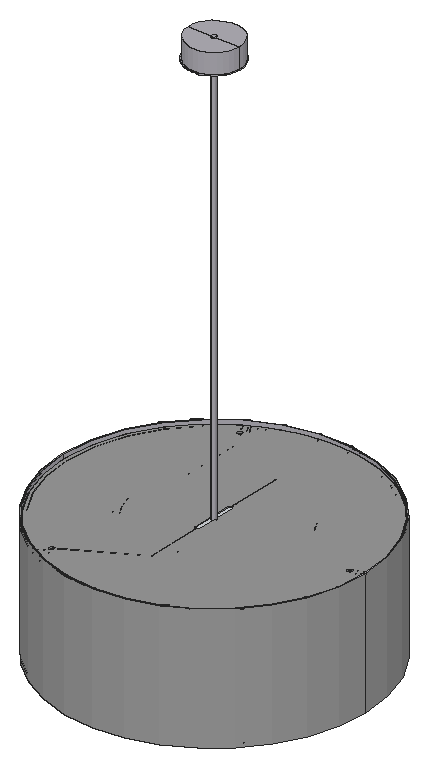
Revit family "Lighting - Lumetta - Pendant - P53414L2A", category Lighting Fixtures, host Ceiling, Revit 2015
Parameters
  Wattage = 11.7117 W
  built-in parameter 1150110 = 1 (stored number, unit not read)
  URL = "https://lumetta.com/luminaires/drum-l2-34-inch-acoustic-light/"
  Type Comments = "Drum Acoustic L2 34'' Pendant"  # constant formula
  built-in parameter 1114217 = 1 (stored number, unit not read)
  Top Lens-Material [instance] = Acrylic - 2447 - White
  Top Lens [instance] = yes
  built-in parameter 1150109 = 1 (stored number, unit not read)
  built-in parameter 1150134 = (empty or 0)
  Suspension [instance] = 2
  built-in parameter 1150113 = 1 (stored number, unit not read)
  Stem Hung-ALL Lamping [instance] = Suspension = 2  # yes
  STD-NON_DIM [instance] = not([3-4-LED])  # yes
  Model URL [instance] = "https://lumetta.com/luminaires/drum-l2-34-inch-acoustic-light/"
  Light Source Symbol Size = 0' - 1"
  Diffuser Material-Outer-Inside [instance] = Shade - Lumetta - D705-AC-Mango
  Coupling-Stems Over 60 inches [instance] = and([Stem Hung-ALL Lamping], Fixture Drop > 5' 0")  # no
  Model = "P53414L2A"  # constant formula
  Manufacturer = "Lumetta, Inc."  # constant formula
  Lumens = 1300 lm
  built-in parameter 1150115 = 1 (stored number, unit not read)
  built-in parameter 1150105 = 103.45 (stored number, unit not read)
  built-in parameter 1150137 = (empty or 0)
  built-in parameter 1150139 = (empty or 0)
  built-in parameter 1150112 = 1 (stored number, unit not read)
  built-in parameter 1150114 = 1 (stored number, unit not read)
  built-in parameter 1150132 = 1
  built-in parameter 1150102 = (empty or 0)
  built-in parameter 1150138 = (empty or 0)
  built-in parameter 1150107 = 3000 (stored number, unit not read)
  built-in parameter 1150106 = 1.0345 (stored number, unit not read)
  Frame Finish [instance] = Paint - Lumetta - F02 - PC_Chrome
  Fixture Drop [instance] = 4' - 0"
  built-in parameter 1150104 = 10.312 (stored number, unit not read)
  Dimming Lamp Color Temperature Shift = (empty or 0)
  Diffuser Material-Outer [instance] = Shade - Lumetta - D180- Bamboo
  Description = ""
  Cord [instance] = Suspension = 1  # no
  Bottom Lens-Material [instance] = Acrylic - P95 - Etched White
  Bottom Lens [instance] = yes
  3-4-LED [instance] = and([3 or 4 Wire Dimming OR LED], Suspension = 1)  # no
  3 or 4 Wire Dimming OR LED [instance] = yes
  3 Cables [instance] = Suspension = 1  # no
  1CRD-3CBL-ALL Lamping [instance] = Suspension = 1  # no
  Cord Color [instance] = Cord, Black
  Color Filter = 16777215
  built-in parameter 1114218 = 1 (stored number, unit not read)
  built-in parameter 1150133 = 10 (stored number, unit not read)
Reference planes (in)
  plane 1 "Light Source Axis (F/B)": y = 0
  plane 2 "Ceiling": z = 96
  plane 3 "Light Source Axis (L/R)": x = 0
  plane 4 "Light Source Elevation": z = 45.5
  plane 5 "Fixture-Top": z = 48
  plane 6 "Fixture-Radius": x = 17
  plane 7 "Fixture-Height": z = 34
  plane 8: through (0, 0, 0) normal (-0.5, -0.866, 0)
  plane 9: y = 0
  plane 10: through (0, 0, 0) normal (0.5, -0.866, 0)
  plane 11 "Plane-120": through (-8.5, 14.72243, 0) normal (0.5, -0.866, 0)
  plane 12 "Plane-240": through (-70.85383, 21.27757, 0) normal (0.5, 0.866, 0)
  plane 13: through (0, 0, 0) normal (-0.866, -0.5, 0)
  plane 14: through (0, 0, 0) normal (0.866, -0.5, 0)
Forms (in)
  Revolve 1, solid, material "Paint - Lumetta - F02 - PC_Chrome" <- "Frame Finish", visible <- "1CRD-3CBL-ALL Lamping"
    sketch origin (0, 0, 0) x (1, 0, 0) y (0, 0, 1)
      loop
        line (0, 96) -> (0, 95.4375) -> (3, 95.4375) -> (3, 95.5) -> (2.87509, 95.5) -> (2.87509, 96) -> (0, 96)
      axis (0, 96) -> (0, 95.4375)
    angle from 0 to 360
  Extrusion 2, void
    sketch origin (0, 0, 95.4375) x (0, -1, 0) y (1, 0, 0)
      loop
        circle (0, 0) r 0.25
      loop
        circle (0, 2.5) r 0.06274
      loop
        circle (-2.16506, -1.25) r 0.06274
      loop
        circle (2.16506, -1.25) r 0.06274
    from 0 to 0.06358
  Revolve 3, solid, material "Paint - Lumetta - F02 - PC_Chrome" <- "Frame Finish"
    sketch origin (0, 0, 0) x (1, 0, 0) y (0, 0, 1)
      loop
        line (17, 48) -> (16.93781, 48) -> (16.93781, 47.56373) -> (16.50031, 47.56373) -> (16.50031, 47.50123) -> (17, 47.50123) -> (17, 48)
      loop
        line (17, 34.50004) -> (16.93781, 34.50004) -> (16.93781, 34.06378) -> (16.50031, 34.06378) -> (16.50031, 34) -> (17, 34) -> (17, 34.50004)
      axis (0, 48) -> (0, 34)
    angle from 0 to 360
  Revolve 4, solid, material "Shade - Lumetta - D180- Bamboo" <- "Diffuser Material-Outer"
    sketch origin (0, 0, 0) x (1, 0, 0) y (0, 0, 1)
      loop
        line (17, 48) -> (17, 34) -> (17.06242, 34) -> (17.06242, 48) -> (17, 48)
      axis (0, 48) -> (0, 34)
    angle from 0 to 360
  Extrusion 5, solid, material "Paint - Lumetta - F02 - PC_Chrome" <- "Frame Finish", visible <- "Stem Hung-ALL Lamping"
    sketch origin (0, 0, 48) x (0, -1, 0) y (-1, 0, 0)
      loop
        circle (0, 0) r 0.25
    from 0.56254 to -48
  Revolve 6, solid, material "Paint - Lumetta - F02 - PC_Chrome" <- "Frame Finish", visible <- "Coupling-Stems Over 60 inches"
    sketch origin (0, 0, 0) x (1, 0, 0) y (0, 0, 1)
      loop
        line (0, 108.53023) -> (0, 108) -> (0.26233, 108)
        arc (0.26233, 108) -> (0.31307, 108.05074) -> (0.26233, 108.10149) r 0.05074
        arc (0.26233, 108.10149) -> (0.29304, 108.26499) -> (0.26243, 108.42851) r 0.45126
        arc (0.26243, 108.42851) -> (0.31329, 108.47937) -> (0.26243, 108.53023) r 0.05086
        line (0.26243, 108.53023) -> (0, 108.53023)
      axis (0, 108.53023) -> (0, 108)
    angle from 0 to 360
  Revolve 7, solid, material "Paint - Lumetta - F02 - PC_Chrome" <- "Frame Finish", visible <- "Stem Hung-ALL Lamping"
    sketch origin (0, 0, 0) x (1, 0, 0) y (0, 0, 1)
      loop
        line (0, 96) -> (0, 93.40625) -> (0.34988, 93.40625)
        arc (0.34988, 93.40625) -> (0.49124, 93.54417) -> (0.58115, 93.72) r 0.61026
        line (0.58115, 93.72) -> (3, 93.72) -> (3, 93.78) -> (2.875, 93.78) -> (2.875, 96) -> (0, 96)
      axis (0, 96) -> (0, 93.40625)
    angle from 0 to 360
  Extrusion 8, solid, material "Cord, Black" <- "Cord Color", visible <- "1CRD-3CBL-ALL Lamping"
    sketch origin (0, 0, 48) x (0, -1, 0) y (1, 0, 0)
      loop
        circle (0, 0) r 0.15674
    from -0.56254 to 48
  Extrusion 9, solid
    sketch origin (0, 0, 48) x (0, -1, 0) y (1, 0, 0)
      loop
        line (-0.5, 16.48559) -> (-0.5, 15.75) -> (0.5, 15.75) -> (0.5, 16.48559)
        arc (0.5, 16.48559) -> (0, 16.49317) -> (-0.5, 16.48559) r 16.49317
      loop
        circle (0, 16) r 0.11051
      loop
        arc (-14.53312, -7.81335) -> (-14.28968, -8.25015) -> (-14.03312, -8.67938) r 16.50031
        line (-14.03312, -8.67938) -> (-13.3899, -8.30801) -> (-13.8899, -7.44199) -> (-14.53312, -7.81335)
      loop
        circle (-13.85641, -8) r 0.10826
      loop
        arc (14.02694, -8.67581) -> (14.2835, -8.24658) -> (14.52694, -7.80978) r 16.49317
        line (14.52694, -7.80978) -> (13.8899, -7.44199) -> (13.3899, -8.30801) -> (14.02694, -8.67581)
      loop
        circle (13.85641, -8) r 0.10826
    from -0.43627 to -0.49877
  Extrusion 10, solid
    sketch origin (0, 0, 48) x (0, -1, 0) y (1, 0, 0)
      loop
        circle (0, 16) r 0.11051
      loop
        line (-0.76833, 16.23292) -> (-0.76833, 15.46921) -> (-13.81756, -7.13271) -> (-14.42396, -7.48282) -> (-13.67396, -8.78185) -> (-13.01257, -8.4) -> (13.08589, -8.4) -> (13.69229, -8.7501) -> (14.44229, -7.45107) -> (13.7809, -7.06921) -> (0.73167, 15.53271) -> (0.73167, 16.23292) -> (-0.76833, 16.23292)
      loop
        circle (0, 15.25) r 0.15796
      loop
        circle (-13.85641, -8) r 0.11051
      loop
        circle (-13.20689, -7.625) r 0.15796
      loop
        circle (13.85641, -8) r 0.11051
      loop
        circle (13.20689, -7.625) r 0.15796
      loop
        arc (11.2475, -6.7125) -> (11.43695, -6.60313) -> (11.43695, -6.38438) r 0.21875
        line (11.43695, -6.38438) -> (0.18944, 13.09688)
        arc (0.18944, 13.09688) -> (0, 13.20625) -> (-0.18944, 13.09688) r 0.21875
        line (-0.18944, 13.09688) -> (-11.43695, -6.38438)
        arc (-11.43695, -6.38438) -> (-11.43695, -6.60313) -> (-11.2475, -6.7125) r 0.21875
        line (-11.2475, -6.7125) -> (11.2475, -6.7125)
    from -0.5625 to -0.49877
  Sweep 11, solid, visible <- "1CRD-3CBL-ALL Lamping"
    path origin (0, 0, 0) x (1, 0, 0) y (0, 0, 1)
      loop
        line (2.5, 95.50108) -> (15.25, 47.50123)
    profile origin (8.875, 0, 71.50116) x (0.966485, 0, 0.256723) y (0, -1, 0)
      loop
        circle (0, 0) r 0.03083
  Sweep 12, solid, visible <- "1CRD-3CBL-ALL Lamping"
    path origin (0, 0, 0) x (-0.5, 0.866025, 0) y (0, 0, 1)
      loop
        line (2.5, 95.50108) -> (15.25, 47.50123)
    profile origin (-4.4375, 7.68598, 71.50116) x (-0.483242, 0.837, 0.256723) y (0.866025, 0.5, 0)
      loop
        circle (0, 0) r 0.03083
  Sweep 13, solid, visible <- "1CRD-3CBL-ALL Lamping"
    path origin (0, 0, 0) x (-0.5, -0.866025, 0) y (0, 0, 1)
      loop
        line (2.5, 95.50108) -> (15.25, 47.50123)
    profile origin (-4.4375, -7.68598, 71.50116) x (-0.483242, -0.837, 0.256723) y (-0.866025, 0.5, 0)
      loop
        circle (0, 0) r 0.03083
  Extrusion 14, solid
    sketch origin (0, 0, 48) x (0, -1, 0) y (1, 0, 0)
      loop
        line (-8.47262, -1.25) -> (8.47262, -1.25) -> (7.02924, 1.25) -> (-7.02924, 1.25) -> (-8.47262, -1.25)
      loop
        circle (0, 0) r 0.28281
    from -0.56254 to -0.49877
  Extrusion 15, solid, material "Acrylic - 2447 - White" <- "Top Lens-Material", visible <- "Top Lens"
    sketch origin (0, 0, 48) x (0, -1, 0) y (1, 0, 0)
      loop
        line (-2.50665, 0.05287) -> (-8.76685, 0.05287) -> (-13.06871, -7.39816)
        arc (-13.06871, -7.39816) -> (-13.39627, -7.81123) -> (-12.97776, -7.49064) r 0.26561
        line (-12.97776, -7.49064) -> (-8.69468, -0.07213) -> (-2.50665, -0.07213)
        arc (-2.50665, -0.07213) -> (-2.4132, -0.21734) -> (-2.25, -0.27378) r 0.26415
        line (-2.25, -0.27378) -> (2.25, -0.27378)
        arc (2.25, -0.27378) -> (2.41692, -0.21436) -> (2.50874, -0.06284) r 0.26415
        line (2.50874, -0.06284) -> (8.68932, -0.06284) -> (12.97864, -7.49217)
        arc (12.97864, -7.49217) -> (13.3955, -7.80984) -> (13.06947, -7.39949) r 0.26408
        line (13.06947, -7.39949) -> (8.76109, 0.06284) -> (2.50402, 0.06284)
        arc (2.50402, 0.06284) -> (2.40911, 0.20123) -> (2.25, 0.25453) r 0.26415
        line (2.25, 0.25453) -> (-2.25, 0.25453)
        arc (-2.25, 0.25453) -> (-2.4132, 0.19808) -> (-2.50665, 0.05287) r 0.26415
      loop
        circle (0, 15.25) r 0.26626
      loop
        circle (0, 0) r 16.84375
    from -0.43627 to -0.375
  Revolve 16, solid, material "Paint - Lumetta - F02 - PC_Chrome" <- "Frame Finish", visible <- "STD-NON_DIM"
    sketch origin (0, 0, 0) x (1, 0, 0) y (0, 0, 1)
      loop
        line (0, 95.4375) -> (0, 94.87435) -> (0.28215, 94.87435) -> (0.37481, 95.4375) -> (0, 95.4375)
      axis (0, 95.4375) -> (0, 94.87435)
    angle from 0 to 360
  Revolve 17, solid, material "Paint - Lumetta - F02 - PC_Chrome" <- "Frame Finish", visible <- "3-4-LED"
    sketch origin (0, 0, 0) x (1, 0, 0) y (0, 0, 1)
      loop
        line (0, 95.4375) -> (0, 95.3765) -> (0.37481, 95.3765) -> (0.37481, 95.4375) -> (0, 95.4375)
      axis (0, 95.4375) -> (0, 95.3765)
    angle from 0 to 360
  Extrusion 18, solid, material "Acrylic - 2447 - White"
    sketch origin (0, 0, 48) x (0, -1, 0) y (1, 0, 0)
      loop
        circle (0, 0) r 9
      loop
        circle (-6.9282, -4) r 0.07031
      loop
        circle (6.9282, -4) r 0.07031
      loop
        arc (-8.34573, -0.69953) -> (-8.32461, -0.80725) -> (-8.28049, -0.90776) r 0.5
        line (-8.28049, -0.90776) -> (-4.92639, -6.71724)
        arc (-4.92639, -6.71724) -> (-4.8614, -6.8057) -> (-4.77867, -6.87786) r 0.5
        arc (-4.77867, -6.87786) -> (0, -8.375) -> (4.77867, -6.87786) r 8.375
        arc (4.77867, -6.87786) -> (4.8614, -6.8057) -> (4.92639, -6.71724) r 0.5
        line (4.92639, -6.71724) -> (8.28049, -0.90776)
        arc (8.28049, -0.90776) -> (8.32461, -0.80725) -> (8.34573, -0.69953) r 0.5
        arc (8.34573, -0.69953) -> (7.25296, 4.1875) -> (3.56706, 7.57738) r 8.375
        arc (3.56706, 7.57738) -> (3.46321, 7.61295) -> (3.3541, 7.625) r 0.5
        line (3.3541, 7.625) -> (-3.3541, 7.625)
        arc (-3.3541, 7.625) -> (-3.46321, 7.61295) -> (-3.56706, 7.57738) r 0.5
        arc (-3.56706, 7.57738) -> (-7.25296, 4.1875) -> (-8.34573, -0.69953) r 8.375
      loop
        circle (0, 8) r 0.07031
    from -0.82287 to -0.56254
  Extrusion 19, solid, material "Acrylic - P95 - Etched White"
    sketch origin (0, 0, 48) x (0, -1, 0) y (1, 0, 0)
      loop
        circle (0, 0) r 9
    from -10.49499 to -10.244
  Revolve 20, solid, material "Shade - Lumetta - D61 - MT_White"
    sketch origin (0, 0, 0) x (1, 0, 0) y (0, 0, 1)
      loop
        line (9, 47.43746) -> (9, 37.50343) -> (9.0625, 37.50343) -> (9.0625, 47.43746) -> (9, 47.43746)
      axis (0, 47.43746) -> (0, 37.50343)
    angle from 0 to 360
  Revolve 21, solid, material "Shade - Lumetta - D705-AC-Mango" <- "Diffuser Material-Outer-Inside"
    sketch origin (0, 0, 0) x (1, 0, 0) y (0, 0, 1)
      loop
        line (17, 47.50123) -> (16.875, 47.50123) -> (16.875, 34.06378) -> (17, 34.06378) -> (17, 47.50123)
      axis (0, 47.50123) -> (0, 34.06378)
    angle from 0 to 360
Dimensions and locks (in)
  equal spacing: host sketch curve, plane 3 "Light Source Axis (L/R)", host sketch curve
  equal spacing: host sketch curve, plane 1 "Light Source Axis (F/B)", host sketch curve
  host sketch curve to host sketch curve = 10' - 0"  (x2)
  "Fixture Drop": plane 2 "Ceiling" to plane 5 "Fixture-Top"
  locked: plane 5 "Fixture-Top" to plane 4 "Light Source Elevation" at 2.5
  locked: plane 6 "Fixture-Radius" to plane 3 "Light Source Axis (L/R)" at 17
  locked: plane 5 "Fixture-Top" to plane 7 "Fixture-Height" at 14
  locked: Extrusion 2 sketch curve to Extrusion 2 sketch curve at 2.5
  locked: plane 6 "Fixture-Radius" to Revolve 3 sketch curve at 0.06219  (x2)
  locked: Revolve 4 sketch curve to plane 6 "Fixture-Radius" at 0.06242
  locked: Revolve 3 to Revolve 4 at 0.06378
  locked: Extrusion 5 sketch curve to imposter light
  locked: Extrusion 5 sketch curve to imposter light at 0
  Revolve 6 sketch curve to Revolve 6 sketch curve = 0' - 0.15822"
  locked: Revolve 6 sketch curve to Revolve 4 at 60
  locked: Revolve 6 sketch curve to Revolve 6 sketch curve at 0.53023
  locked: Revolve 6 sketch curve to Revolve 6 sketch curve at 0.26243
  locked: Revolve 6 sketch curve to Revolve 6 sketch curve at 0.26233
  locked: Revolve 6 sketch curve to Revolve 6 sketch curve at 0.05074
  locked: Revolve 6 sketch curve to Revolve 6 sketch curve at 0.47937
  locked: Revolve 6 sketch curve to Revolve 6 sketch curve at 0.26512
  locked: Revolve 7 sketch curve to Revolve 7 sketch curve at 2.875
  locked: Revolve 7 sketch curve to Revolve 7 sketch curve at 0.31375
  locked: plane 5 "Fixture-Top" to Revolve 3 sketch curve at 0.49877
  locked: Revolve 3 sketch curve to Revolve 3 sketch curve at 0.0625
  locked: Revolve 3 sketch curve to plane 7 "Fixture-Height" at 0.50004
  locked: plane 6 "Fixture-Radius" to Revolve 3 sketch curve at 0.49969
  locked: Revolve 1 sketch curve to Revolve 1 sketch curve at 0.0625
  locked: host ceiling to Revolve 1 sketch curve at 0.5625
  locked: Revolve 1 sketch curve to Revolve 1 sketch curve at 0.5625
  Revolve 1 sketch curve to Revolve 1 sketch curve = 0' - 2.87509"
  equal spacing: Extrusion 9 sketch curve, plane 1 "Light Source Axis (F/B)", Extrusion 9 sketch curve
  locked: Extrusion 9 sketch curve to plane 1 "Light Source Axis (F/B)" at 0.5
  locked: Extrusion 9 sketch curve to plane 6 "Fixture-Radius" at 1
  locked: Extrusion 9 sketch curve to plane 6 "Fixture-Radius" at 1.25
  locked: Extrusion 10 sketch curve to plane 6 "Fixture-Radius" at 1
  locked: Extrusion 10 sketch curve to plane 6 "Fixture-Radius" at 1.75
  locked: plane 10 to plane 11 "Plane-120" at 17
  locked: plane 12 "Plane-240" to plane 8 at 17
  locked: plane 11 "Plane-120" to Extrusion 9 sketch curve at 1.25
  locked: Extrusion 9 sketch curve to plane 11 "Plane-120" at 1
  locked: plane 12 "Plane-240" to Extrusion 9 sketch curve at 1.25
  locked: Extrusion 9 sketch curve to plane 12 "Plane-240" at 1
  locked: Extrusion 10 sketch curve to plane 11 "Plane-120" at 0.76708
  locked: Extrusion 10 sketch curve to plane 12 "Plane-240" at 0.76708
  locked: Extrusion 10 sketch curve to plane 6 "Fixture-Radius" at 0.76708
  locked: Extrusion 10 sketch curve to plane 12 "Plane-240" at 1
  locked: Extrusion 10 sketch curve to plane 12 "Plane-240" at 1.75
  locked: Extrusion 10 sketch curve to plane 11 "Plane-120" at 1
  locked: Extrusion 10 sketch curve to plane 11 "Plane-120" at 1.75
  equal spacing: Extrusion 9 sketch curve, plane 13, Extrusion 9 sketch curve, locked at 0.5 each
  equal spacing: Extrusion 9 sketch curve, plane 14, Extrusion 9 sketch curve
  locked: plane 10 to Extrusion 2 sketch curve at 2.5
  locked: Extrusion 2 sketch curve to plane 8 at 2.5
  locked: Extrusion 10 sketch curve to Extrusion 10 sketch curve at 1.6875  (x3)
  locked: Extrusion 10 sketch curve to Extrusion 10 sketch curve at 1.5  (x3)
  plane 3 "Light Source Axis (L/R)" to Extrusion 14 sketch curve = 0' - 1 1/4"
  Extrusion 14 sketch curve to plane 3 "Light Source Axis (L/R)" = 0' - 1 1/4"
  locked: Extrusion 14 sketch curve to Extrusion 10 at 1.6875  (x2)
  locked: Extrusion 15 sketch curve to plane 9 at 2.25
  locked: Extrusion 15 sketch curve to plane 3 "Light Source Axis (L/R)" at 0.07213
  locked: plane 3 "Light Source Axis (L/R)" to Extrusion 15 sketch curve at 0.05287
  locked: plane 3 "Light Source Axis (L/R)" to Extrusion 15 sketch curve at 0.06284
  locked: Extrusion 15 sketch curve to plane 3 "Light Source Axis (L/R)" at 0.06284
  locked: Extrusion 15 sketch curve to plane 3 "Light Source Axis (L/R)" at 0.00963  (x2)
  locked: Extrusion 15 sketch curve to plane 11 "Plane-120" at 1.75
  locked: Extrusion 15 sketch curve to plane 12 "Plane-240" at 1.75
  locked: Extrusion 15 sketch curve to plane 6 "Fixture-Radius" at 1.75
  locked: Extrusion 15 sketch curve to Extrusion 10 at 0.78125  (x2)
  locked: Extrusion 15 sketch curve to Extrusion 15 sketch curve at 0.125  (x2)
  Extrusion 15 to plane 3 "Light Source Axis (L/R)" = 0' - 0.07213"
  locked: plane 5 "Fixture-Top" to Extrusion 15 at 0.375
  locked: Revolve 1 sketch curve to Revolve 1 sketch curve at 3
  locked: Revolve 1 sketch curve to Revolve 1 sketch curve at 2.87509
  locked: Revolve 16 sketch curve to Revolve 16 sketch curve at 0.37481
  locked: Revolve 16 sketch curve to Revolve 16 sketch curve at 0.28215
  locked: Revolve 1 to Revolve 16 sketch curve at 0.56315
  locked: Revolve 1 to Revolve 17 sketch curve at 0.061
  locked: plane 3 "Light Source Axis (L/R)" to Revolve 17 sketch curve at 0.37481
  locked: Extrusion 18 sketch curve to plane 3 "Light Source Axis (L/R)" at 0
  locked: Extrusion 18 sketch curve to plane 9 at 0
  locked: Extrusion 18 to Extrusion 18 at 0.26033
  locked: Revolve 3 to Extrusion 19 at 9.99623
  locked: Extrusion 19 to Extrusion 19 at 0.25099
  locked: Extrusion 19 to Revolve 20 sketch curve at 0.00158
  locked: Revolve 20 sketch curve to Extrusion 18
  locked: Revolve 20 sketch curve to plane 3 "Light Source Axis (L/R)" at 9
  locked: Revolve 20 sketch curve to Revolve 20 sketch curve at 0.0625
  locked: Revolve 21 sketch curve to plane 7 "Fixture-Height" at 0.06378
  locked: Revolve 21 sketch curve to Revolve 3
  locked: Revolve 21 sketch curve to plane 6 "Fixture-Radius" at 0
  locked: Revolve 21 sketch curve to Revolve 21 sketch curve at 0.125
  locked: Extrusion 15 sketch curve to Extrusion 15 sketch curve (radius 1' - 4 27/32")
  aligned and locked: plane 3 "Light Source Axis (L/R)" to imposter light
  aligned and locked: plane 1 "Light Source Axis (F/B)" to imposter light
  aligned and locked: plane 4 "Light Source Elevation" to imposter light
  aligned and locked: Revolve 4 sketch curve to plane 3 "Light Source Axis (L/R)"
  aligned and locked: Revolve 6 sketch curve to Revolve 6 sketch curve  (x2)
  aligned and locked: host ceiling to Extrusion 5
  aligned and locked: Extrusion 9 to Revolve 3
  aligned and locked: Revolve 3 to Extrusion 9
  aligned and locked: Extrusion 10 to Extrusion 9
  aligned and locked: Extrusion 9 sketch curve to Revolve 3
  aligned and locked: host ceiling to Extrusion 8
  aligned and locked: Extrusion 14 to Extrusion 5
  aligned and locked: Revolve 3 to Extrusion 14
  aligned and locked: Extrusion 15 sketch curve to Extrusion 15 sketch curve  (x2)
  aligned and locked: Extrusion 15 to Revolve 3
  aligned and locked: Extrusion 18 to Extrusion 5
Automatic sketch dimensions
  Revolve 4 sketch curve to plane 6 "Fixture-Radius" = 0' - 0"
  Revolve 4 sketch curve to plane 7 "Fixture-Height" = 0' - 0"
  Revolve 4 sketch curve to plane 5 "Fixture-Top" = 0' - 0"
  plane 7 "Fixture-Height" to Revolve 4 sketch curve = 0' - 1 1/4"
  Revolve 4 sketch curve to plane 5 "Fixture-Top" = 0' - 2 1/4"
  Revolve 6 sketch curve to plane 3 "Light Source Axis (L/R)" = 0' - 0"
  Revolve 6 sketch curve to Revolve 6 sketch curve = 0' - 11.34317"
  Revolve 7 sketch curve to plane 3 "Light Source Axis (L/R)" = 0' - 0"  (x3)
  Revolve 7 sketch curve to plane 2 "Ceiling" = 0' - 0"
  plane 3 "Light Source Axis (L/R)" to Revolve 7 sketch curve = 0' - 0.34988"
  Revolve 7 sketch curve to Revolve 7 sketch curve = 0' - 0.23126"
  Revolve 7 sketch curve to Revolve 7 sketch curve = 0' - 0 1/8"
  Revolve 7 sketch curve to plane 2 "Ceiling" = 0' - 2 3/32"
  Revolve 7 sketch curve to Revolve 7 sketch curve = 0' - 0.06"
  plane 2 "Ceiling" to Revolve 7 sketch curve = 0' - 1 3/4"
  Revolve 7 sketch curve to Revolve 7 sketch curve = 0' - 2 1/2"
  plane 1 "Light Source Axis (F/B)" to Extrusion 8 sketch curve = 0' - 0"
  Extrusion 8 sketch curve to plane 3 "Light Source Axis (L/R)" = 0' - 0"
  Revolve 3 sketch curve to plane 3 "Light Source Axis (L/R)" = 0' - 0"
  Revolve 3 sketch curve to plane 7 "Fixture-Height" = 0' - 0"
  Revolve 3 sketch curve to plane 5 "Fixture-Top" = 0' - 0"
  Revolve 3 sketch curve to plane 6 "Fixture-Radius" = 0' - 0"  (x2)
  Revolve 3 sketch curve to level = 0' - 10"
  Revolve 3 sketch curve to plane 2 "Ceiling" = 0' - 1"
  Revolve 3 sketch curve to Revolve 3 sketch curve = 0' - 0 7/16"
  Revolve 3 sketch curve to Revolve 3 sketch curve = 0' - 0.06378"
  Extrusion 9 sketch curve to Extrusion 9 sketch curve = 0' - 0"  (x2)
  plane 1 "Light Source Axis (F/B)" to Extrusion 9 sketch curve = 0' - 0"  (x2)
  Extrusion 9 sketch curve to Extrusion 9 sketch curve = 0' - 0.03349"  (x2)
  Extrusion 9 sketch curve to Extrusion 9 sketch curve = 0' - 0.17053"
  Extrusion 9 sketch curve to plane 6 "Fixture-Radius" = 0' - 0.51441"
  Extrusion 9 sketch curve to plane 3 "Light Source Axis (L/R)" = 0' - 0"
  plane 14 to Extrusion 9 sketch curve = 0' - 0"
  plane 13 to Extrusion 9 sketch curve = 0' - 0"
  Extrusion 2 sketch curve to Revolve 1 = 0' - 0"
  Extrusion 2 sketch curve to Extrusion 2 sketch curve = 0' - 1 1/4"  (x2)
  Sweep 11 sketch curve to plane 2 "Ceiling" = 0' - 0.49892"
  plane 3 "Light Source Axis (L/R)" to Sweep 11 sketch curve = 0' - 2 1/2"
  plane 5 "Fixture-Top" to Sweep 11 sketch curve = 0' - 0.49877"
  Sweep 11 sketch curve to plane 6 "Fixture-Radius" = 0' - 1 3/4"
  Sweep 11 sketch curve to plane 1 "Light Source Axis (F/B)" = 0' - 0"
  Sweep 11 sketch curve to profile plane = 0' - 0"
  Sweep 12 sketch curve to plane 2 "Ceiling" = 0' - 0.49892"
  Sweep 12 sketch curve to plane 10 = 0' - 2 1/2"
  plane 5 "Fixture-Top" to Sweep 12 sketch curve = 0' - 0.49877"
  plane 11 "Plane-120" to Sweep 12 sketch curve = 0' - 1 3/4"
  Sweep 12 sketch curve to profile plane = 0' - 0"
  profile plane to Sweep 12 sketch curve = 0' - 0"
  Sweep 13 sketch curve to plane 2 "Ceiling" = 0' - 0.49892"
  plane 8 to Sweep 13 sketch curve = 0' - 2 1/2"
  plane 5 "Fixture-Top" to Sweep 13 sketch curve = 0' - 0.49877"
  plane 12 "Plane-240" to Sweep 13 sketch curve = 0' - 1 3/4"
  profile plane to Sweep 13 sketch curve = 0' - 0"  (x2)
  plane 13 to Extrusion 10 sketch curve = 0' - 0"  (x3)
  plane 1 "Light Source Axis (F/B)" to Extrusion 10 sketch curve = 0' - 0"  (x3)
  plane 14 to Extrusion 10 sketch curve = 0' - 0"  (x2)
  Extrusion 10 sketch curve to plane 14 = 0' - 0"
  Extrusion 10 sketch curve to Extrusion 10 sketch curve = 0' - 0.18245"
  Extrusion 10 sketch curve to plane 1 "Light Source Axis (F/B)" = 0' - 0.18944"
  plane 1 "Light Source Axis (F/B)" to Extrusion 10 sketch curve = 0' - 0.18944"
  plane 1 "Light Source Axis (F/B)" to Extrusion 10 sketch curve = 0' - 0.73167"
  Extrusion 10 sketch curve to Extrusion 10 sketch curve = 0' - 0.121"
  Extrusion 10 sketch curve to Extrusion 10 sketch curve = 0' - 0 7/64"
  Extrusion 10 sketch curve to Extrusion 10 sketch curve = 0' - 1.95938"
  Extrusion 10 sketch curve to Extrusion 10 sketch curve = 0' - 0 7/32"
  Extrusion 10 sketch curve to Extrusion 10 sketch curve = 0' - 0.18944"  (x2)
  Extrusion 10 sketch curve to Extrusion 10 sketch curve = 0' - 0.6064"
  Extrusion 10 sketch curve to Extrusion 10 sketch curve = 0' - 0.66139"
  plane 1 "Light Source Axis (F/B)" to Extrusion 14 sketch curve = 0' - 0"
  Extrusion 14 sketch curve to plane 3 "Light Source Axis (L/R)" = 0' - 0"
  plane 13 to Extrusion 15 sketch curve = 0' - 0"
  plane 1 "Light Source Axis (F/B)" to Extrusion 15 sketch curve = 0' - 0"  (x2)
  plane 14 to Extrusion 15 sketch curve = 0' - 0"
  Extrusion 15 sketch curve to plane 3 "Light Source Axis (L/R)" = 0' - 0"
  plane 1 "Light Source Axis (F/B)" to Extrusion 15 sketch curve = 0' - 2 1/4"
  Extrusion 15 sketch curve to Extrusion 15 sketch curve = 0' - 0.25665"
  Extrusion 15 sketch curve to Extrusion 15 sketch curve = 0' - 0.13436"
  Extrusion 15 sketch curve to Extrusion 15 sketch curve = 0' - 0.09083"
  Revolve 1 sketch curve to plane 3 "Light Source Axis (L/R)" = 0' - 0"  (x2)
  Revolve 1 sketch curve to plane 5 "Fixture-Top" = 0' - 1 1/4"
  Revolve 1 sketch curve to Revolve 1 sketch curve = 0' - 9 3/4"
  Revolve 16 sketch curve to plane 3 "Light Source Axis (L/R)" = 0' - 0"  (x2)
  Revolve 16 sketch curve to plane 2 "Ceiling" = 0' - 0 9/16"
  Revolve 16 sketch curve to Revolve 16 sketch curve = 0' - 1.18685"
  plane 2 "Ceiling" to Revolve 16 sketch curve = 0' - 6 11/16"
  Revolve 17 sketch curve to plane 3 "Light Source Axis (L/R)" = 0' - 0"  (x2)
  Revolve 17 sketch curve to Revolve 17 sketch curve = 0' - 0.061"
  Revolve 17 sketch curve to Revolve 17 sketch curve = 0' - 0.82606"
  Revolve 17 sketch curve to plane 2 "Ceiling" = 0' - 0 1/4"
  Extrusion 18 sketch curve to Extrusion 18 sketch curve = 0' - 0"  (x11)
  Extrusion 18 sketch curve to Extrusion 18 sketch curve = 0' - 0.43301"  (x4)
  Extrusion 18 sketch curve to Extrusion 18 sketch curve = 0' - 1.35229"
  Extrusion 18 sketch curve to Extrusion 18 sketch curve = 0' - 2.00181"  (x2)
  Extrusion 18 sketch curve to Extrusion 18 sketch curve = 0' - 4.49338"  (x3)
  Extrusion 18 sketch curve to Extrusion 18 sketch curve = 0' - 3.3541"  (x2)
  Extrusion 18 sketch curve to Extrusion 18 sketch curve = 0' - 0.91928"
  Extrusion 18 sketch curve to Extrusion 18 sketch curve = 0' - 0 1/4"  (x4)
  Extrusion 18 sketch curve to Extrusion 18 sketch curve = 0' - 2.71724"  (x2)
  Extrusion 18 sketch curve to Extrusion 18 sketch curve = 0' - 3.09224"  (x2)
  Extrusion 18 sketch curve to Extrusion 18 sketch curve = 0' - 6.46724"
  Extrusion 18 sketch curve to Extrusion 18 sketch curve = 0' - 7 1/8"
  Extrusion 18 sketch curve to Extrusion 18 sketch curve = 0' - 0 1/2"
  Extrusion 18 sketch curve to Extrusion 18 sketch curve = 0' - 0 3/8"
  plane 1 "Light Source Axis (F/B)" to Extrusion 19 sketch curve = 0' - 0"
  Extrusion 19 sketch curve to plane 3 "Light Source Axis (L/R)" = 0' - 0"
  Revolve 20 sketch curve to plane 3 "Light Source Axis (L/R)" = 0' - 0"
  Revolve 20 sketch curve to plane 7 "Fixture-Height" = 0' - 1.43746"
  Revolve 20 sketch curve to plane 5 "Fixture-Top" = 0' - 8.68746"
  Revolve 21 sketch curve to plane 3 "Light Source Axis (L/R)" = 0' - 0"
  plane 7 "Fixture-Height" to Revolve 21 sketch curve = 0' - 9.74877"
  Revolve 21 sketch curve to plane 5 "Fixture-Top" = 0' - 5.25123"
  radius of Extrusion 5 sketch curve = 0' - 0 1/4"
  radius of Extrusion 8 sketch curve = 0' - 0.15674"
  radius of Extrusion 9 sketch curve = 0' - 0.11051"
  radius of Extrusion 9 sketch curve = 0' - 0.10826"  (x2)
  radius of Extrusion 2 sketch curve = 0' - 0.06274"  (x3)
  radius of Sweep 11 sketch curve = 0' - 0.03083"
  radius of Sweep 12 sketch curve = 0' - 0.03083"
  radius of Sweep 13 sketch curve = 0' - 0.03083"
  radius of Extrusion 10 sketch curve = 0' - 0.11051"  (x3)
  radius of Extrusion 10 sketch curve = 0' - 0.15796"  (x3)
  radius of Extrusion 14 sketch curve = 0' - 0.28281"
  radius of Extrusion 15 sketch curve = 0' - 0.26626"
  radius of Extrusion 2 sketch curve to Revolve 1 = 0' - 2 3/4"
  radius of Extrusion 18 sketch curve = 0' - 9"
  radius of Extrusion 18 sketch curve = 0' - 0 9/128"  (x3)
  radius of Extrusion 19 sketch curve = 0' - 9"
